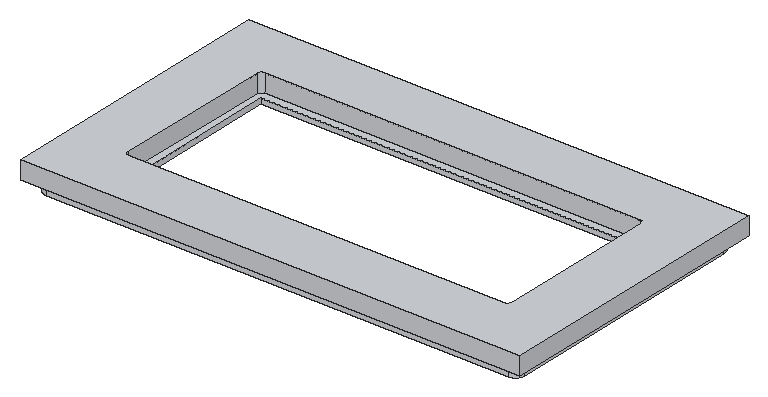
Revit family "Gira_1002226", category Electrical Fixtures, host Face, Revit 2017
Family settings
  Host = Face
  Maintain Annotation Orientation = No
  Round Connector Dimension = Use Diameter
  Part Type = Normal
  Cut with Voids When Loaded = No
  Shared = No
  Room Calculation Point = No
Parameters (values of type "Cov.fr. 2-g w/o cb Gira Esprit Lin.pwd.anthra.")
  With mounting grid = "No"
  With hinged lid = "No"
  URL = "http://katalog.gira.de/en/datenblatt.html?artikelnr=1002226"
  Type of fastening = "Clamp mounting"
  Transparent = "No"
  Surface protection = "Other"
  Suitable for wall duct = "No"
  Suitable for flush-mounted installation = "Yes"
  Suitable for floor box = "No"
  Suitable for built-in installation = "No"
  Number of units vertical = "2"
  Number of units horizontal = "2"
  Number of units = "2"
  Name = "Cov.fr. 2-g w/o cb Gira Esprit Lin.pwd.anthra."
  Mounting direction = "Horizontal and vertical"
  Material quality = "Other"
  Material = "Other"
  Manufacturer URL = "https://www.gira.de/"
  Manufacturer = "Gira"
  Label space/information surface = "No"
  Keynote = ""
  HeinzeBIM = "https://bimportal.heinze.de/bim/cov-fr-2-g-w-o-cb-gira-esprit-lin-pwd-anthra-/d3840604b7db5d0f3356c969076983754f1a25df"
  Halogen free = "No"
  HAN = "1002226"
  GTIN = "4010337015925"
  Description = "Cov.fr.2g w o cb Espr. LPwAn,Gira Esprit cover frame,linoleum-plywood anthracite,2-gang without crossbar,Notes :,- Natural product. Colour deviations are possible.,- NCS value: approx. NCS S 8502-B"
  Degree of protection (IP) = "IP20"
  Default Elevation = 1219.2 mm
  Data sheet (1) = "https://katalog.gira.de/en/download.html?artikelnr=1002226"
  Colour = "Other"
  Category = "Cover frame for domestic switching devices"
  BIM (1) = "https://media.stage.bim.site/public/gira/36a6b08/Espr._Rahmen_2fach o.Mittelsteg.rfa?public/gira/36a6b08/Espr._Rahmen_2fach o.Mittelsteg.rfa"
  Available = "No"
Reference planes
  plane 1 "Center (Front/Back)": y = 0
  plane 2: z = 0
  plane 3 "Center (Left/Right)": x = 0
Forms (mm)
  Extrusion 1, solid, detail levels fine
    sketch origin (0, 0, 0) x (1, 0, 0) y (0, 1, 0)
      loop
        line (-83, 47.5) -> (-83, -47.5) -> (83, -47.5) -> (83, 47.5) -> (-83, 47.5)
      loop
        arc (-63.75, -26.7) -> (-63.311, -27.761) -> (-62.25, -28.2) r 1.5
        line (-62.25, -28.2) -> (62.25, -28.2)
        arc (62.25, -28.2) -> (63.311, -27.761) -> (63.75, -26.7) r 1.5
        line (63.75, -26.7) -> (63.75, 26.7)
        arc (63.75, 26.7) -> (63.311, 27.761) -> (62.25, 28.2) r 1.5
        line (62.25, 28.2) -> (-62.25, 28.2)
        arc (-62.25, 28.2) -> (-63.311, 27.761) -> (-63.75, 26.7) r 1.5
        line (-63.75, 26.7) -> (-63.75, -26.7)
    from 0 to 6
  Extrusion 2, solid, detail levels fine
    sketch origin (0, 0, 0) x (1, 0, 0) y (0, 1, 0)
      loop
        line (-61.518, -25.7) -> (61.45, -25.7) -> (61.45, 25.7) -> (-61.518, 25.7) -> (-61.518, -25.7)
      loop
        arc (-78.55, -41.3) -> (-78.023, -42.573) -> (-76.75, -43.1) r 1.8
        line (-76.75, -43.1) -> (77.95, -43.1)
        arc (77.95, -43.1) -> (79.223, -42.573) -> (79.75, -41.3) r 1.8
        line (79.75, -41.3) -> (79.75, 41.3)
        arc (79.75, 41.3) -> (79.223, 42.573) -> (77.95, 43.1) r 1.8
        line (77.95, 43.1) -> (-76.75, 43.1)
        arc (-76.75, 43.1) -> (-78.023, 42.573) -> (-78.55, 41.3) r 1.8
        line (-78.55, 41.3) -> (-78.55, -41.3)
    from -1.9 to 0
  Extrusion 3, solid, detail levels fine
    sketch origin (0, 0, 0) x (1, 0, 0) y (0, 1, 0)
      loop
        arc (-76.75, 44.4) -> (-78.871, 43.521) -> (-79.75, 41.4) r 3
        line (-79.75, 41.4) -> (-79.75, -41.4)
        arc (-79.75, -41.4) -> (-78.871, -43.521) -> (-76.75, -44.4) r 3
        line (-76.75, -44.4) -> (76.75, -44.4)
        arc (76.75, -44.4) -> (78.871, -43.521) -> (79.75, -41.4) r 3
        line (79.75, -41.4) -> (79.75, 41.4)
        arc (79.75, 41.4) -> (78.871, 43.521) -> (76.75, 44.4) r 3
        line (76.75, 44.4) -> (-76.75, 44.4)
      loop
        arc (-78.55, -41.4) -> (-78.023, -42.673) -> (-76.75, -43.2) r 1.8
        line (-76.75, -43.2) -> (76.75, -43.2)
        arc (76.75, -43.2) -> (78.023, -42.673) -> (78.55, -41.4) r 1.8
        line (78.55, -41.4) -> (78.55, 41.4)
        arc (78.55, 41.4) -> (78.023, 42.673) -> (76.75, 43.2) r 1.8
        line (76.75, 43.2) -> (-76.75, 43.2)
        arc (-76.75, 43.2) -> (-78.023, 42.673) -> (-78.55, 41.4) r 1.8
        line (-78.55, 41.4) -> (-78.55, -41.4)
    from -3.7 to 0
  Extrusion 4, solid, detail levels medium
    sketch origin (0, 0, 0) x (1, 0, 0) y (0, 1, 0)
      loop
        line (-83, 47.5) -> (-83, -47.5) -> (83, -47.5) -> (83, 47.5) -> (-83, 47.5)
    from 0 to 6
  Extrusion 5, solid, detail levels medium
    sketch origin (0, 0, 0) x (1, 0, 0) y (0, 1, 0)
      loop
        line (-79.75, 44.4) -> (-79.75, -44.4) -> (79.75, -44.4) -> (79.75, 44.4) -> (-79.75, 44.4)
    from -3.7 to 0
  Extrusion 6, solid, detail levels coarse
    sketch origin (0, 0, 0) x (1, 0, 0) y (0, 1, 0)
      loop
        line (-83, 47.5) -> (-83, -47.5) -> (83, -47.5) -> (83, 47.5) -> (-83, 47.5)
    from -3.7 to 6
Dimensions and locks
  aligned and locked: plane 2 to host face
  aligned and locked: level to host face
